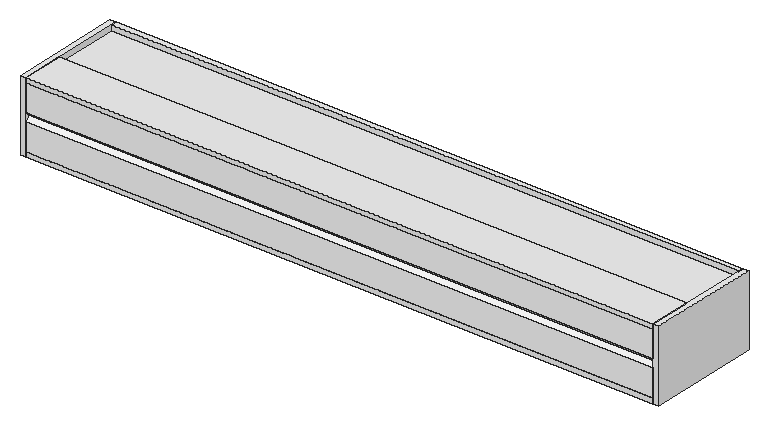
Revit family "4070744+4070747 Feilo Sylvania Lighting Fixture CURSUS 306MM 207LM OVAL LED3K with SINGLE WALL HOUSING", category Lighting Fixtures, host Face, Revit 2017
Family settings
  Host = Face
  Round Connector Dimension = Use Diameter
  Part Type = Normal
  OmniClass Number = 23.80.70.14
  OmniClass Title = Luminaries for External Lighting
  Cut with Voids When Loaded = Yes
  Light Source = Yes
  Shared = Yes
  Room Calculation Point = No
Parameters (values of type "4070744 CURSUS 306MM 207LM OVAL LED3K")
  Width_FEILO = 35 mm
  Weight = "0.6 kg"
  Wattage Comments = "n/a"
  Wattage = 4.5 W
  WarrantyStartDate [instance] = "n/a"
  WarrantyGuarantorParts = "n/a"
  WarrantyDurationUnit = "n/a"
  WarrantyDurationParts = "n/a"
  WarrantyDescription = "n/a"
  WallThickness_FEILO = 2.5 mm
  built-in parameter 1150110 = 1 (stored number, unit not read)
  Voltage = 24 V
  URL = "http://www.sylvania-lighting.com"
  TypeName = "CURSUS 306MM 207LM OVAL LED3K"
  Type Image = <None>
  Type Comments = "n/a"
  built-in parameter 1114217 = 1 (stored number, unit not read)
  Tilt Angle = -90.00°
  built-in parameter 1150109 = 1 (stored number, unit not read)
  built-in parameter 1150134 = (empty or 0)
  built-in parameter 1150113 = 1 (stored number, unit not read)
  SerialNumber [instance] = "n/a"
  ReflectorMaterial = none
  PowerFactor = 0
  PowerConsumption = "4.5 W"
  Photometric Web File = "4070744.ies"
  NominalLength = 306 mm
  NominalHeight = 50 mm
  NominalDepth = 30 mm
  Name = "CURSUS 306MM 207LM OVAL LED3K"
  ModelReference = Name  # "CURSUS 306MM 207LM OVAL LED3K"
  ModelNumber = "4070744"
  Model = Name  # "CURSUS 306MM 207LM OVAL LED3K"
  Material = "natural anodised extruded aluminium structure housing, optical system with pmma lenses diffuser"
  ManufacturerName = "Feilo Sylvania"
  Manufacturer = "Feilo Sylvania"
  LuminousEfficacy = "46 lm/W"
  built-in parameter 1150105 = 291.98 (stored number, unit not read)
  Lumens = 207 lm
  LuminaireType = ""
  built-in parameter 1150115 = 1 (stored number, unit not read)
  LightOutputRatio = "100"
  built-in parameter 1150137 = (empty or 0)
  built-in parameter 1150139 = (empty or 0)
  Length_FEILO = 312 mm
  LampsType = Lamp  # "LED"
  LampNominalLuminous = "207 lm"
  LampMacAdamStep = "n/a"
  LampColourTemperature = "3000 K"
  LampColourRenderingIndex = "80"
  built-in parameter 1150112 = 1 (stored number, unit not read)
  built-in parameter 1150114 = 1 (stored number, unit not read)
  Lamp = "LED"
  Keynote = "16500"
  InstallationDate [instance] = "n/a"
  InputVoltage = "24V DC"
  InputNominalFrequency = "n/a"
  built-in parameter 1150132 = (empty or 0)
  built-in parameter 1150102 = (empty or 0)
  built-in parameter 1150107 = 3000 (stored number, unit not read)
  built-in parameter 1150138 = (empty or 0)
  IngressProtection = "IP67"
  ImpactProtectionIndex = "IK07"
  built-in parameter 1150106 = 2.9198 (stored number, unit not read)
  IfcExportType = "IfcLightFixtureType"
  IfcExportAs = "IfcLightFixtureType"
  ExpectedLife = 50000
  EndCapRight [instance] = yes
  EndCapLeft [instance] = yes
  Emit from Rectangle Width = Width_FEILO - WallThickness_FEILO * 2  # 30 mm
  Emit from Rectangle Length = Length_FEILO - WallThickness_FEILO * 2  # 307 mm
  Emit Shape Visible in Rendering = no
  ElectricShockClassification = "Class III"
  built-in parameter 1150104 = 4.2735 (stored number, unit not read)
  DurationUnit = "hours"
  DocumentationLiterature = "http://www.sylvania-lighting.com/product/en-int/products/4070744"
  DimmingControlOptions = "n/a"
  Dimming Lamp Color Temperature Shift = <None>
  DiffuserMaterial = Diffuser-Sylvania-Glow
  Description = "LED Exterior Lighting Recessed Surface Mounted Linear Fixture, Natural anodised extruded aluminium structure. Die-cast aluminium end caps. Installation kit with harmonic steel springs., 207 lm, 4,5W, 46lm/W, 3000K, CRI80+,non dimmable,IP67, IK07, (HxWxD) 306x50x30mm, 3 step Mac Adam Ellipse, 0.6kg,, Classe III, 21-25V-DC, energy class : A++, A+, A"
  Default Elevation = 1219.2 mm
  CreatedOn = "1/8/2018"
  CreatedBy = ""
  Cost = 0
  Color Filter = 16777215
  built-in parameter 1114216 [instance] = (empty or 0)
  ClassificationValue = "EF_70_80"
  ClassificationName = "Uniclass2015"
  BodyMaterial = Body-Sylvania-Gray
  BarCode [instance] = "n/a"
  built-in parameter 1114218 = 1 (stored number, unit not read)
  built-in parameter 1150133 = 10 (stored number, unit not read)
  AssetType = "Fixed"
  AssetIdentifier [instance] = "n/a"
  Assembly Code = "D5020200"
  Apparent Load = 4.5 VA
  AccessoryMaterial = Diffuser-Sylvania-Glow
Reference planes
  plane 1 "Center (Front/Back)": y = 0
  plane 2: z = 0
  plane 3 "Center (Left/Right)": x = 0
  plane 4: x = 156
  plane 5: x = -156
  plane 6: x = -153.5
  plane 7: x = 153.5
  plane 8: z = 35
  plane 9: z = 17.5
  plane 10: z = 32.5
  plane 11: z = 2.5
  plane 12: z = 30
  plane 13: z = 5
  plane 14: y = -55
  plane 15: y = -53
  plane 16: y = -2.5
  plane 17: y = -37
  plane 18: y = -34.5
Forms (mm)
  Extrusion 1, solid, material "Body-Sylvania-Gray" <- "BodyMaterial"
    sketch origin (0, 0, 0) x (0, 1, 0) y (0, 0, 1)
      loop
        line (0, 35) -> (-2.5, 35) -> (-2.5, 32.5) -> (-34.5, 32.5) -> (-34.5, 35) -> (-55, 35) -> (-55, 32.5) -> (-37, 32.5) -> (-37, 30) -> (-2.5, 30) -> (-2.5, 5) -> (-37, 5) -> (-37, 2.5) -> (-55, 2.5) -> (-55, 0) -> (-34.5, 0) -> (-34.5, 2.5) -> (-2.5, 2.5) -> (-2.5, 0) -> (0, 0) -> (0, 35)
    from -153.5 to 153.5
  Extrusion 2, solid, material "Diffuser-Sylvania-Glow" <- "DiffuserMaterial"
    sketch origin (0, 0, 0) x (0, 1, 0) y (0, 0, 1)
      loop
        line (-37, 32.5) -> (-55, 32.5) -> (-55, 19.5) -> (-53, 17.5) -> (-55, 15.5) -> (-55, 2.5) -> (-37, 2.5) -> (-37, 32.5)
    from -153.5 to 153.5
  Extrusion 3, solid, material "Body-Sylvania-Gray" <- "BodyMaterial", visible <- "EndCapRight"
    sketch origin (153.5, 1524, 1219.2) x (0, 1, 0) y (0, 0, 1)
      loop
        line (-1579, -1184.2) -> (-1579, -1219.2) -> (-1524, -1219.2) -> (-1524, -1184.2) -> (-1579, -1184.2)
    from 0 to 2.5
  Extrusion 4, solid, material "Body-Sylvania-Gray" <- "BodyMaterial", visible <- "EndCapLeft"
    sketch origin (-153.5, 1524, 1219.2) x (0, 1, 0) y (0, 0, 1)
      loop
        line (-1579, -1184.2) -> (-1579, -1219.2) -> (-1524, -1219.2) -> (-1524, -1184.2) -> (-1579, -1184.2)
    from -2.5 to 0
Dimensions and locks
  equal spacing: plane 5, plane 3 "Center (Left/Right)", plane 4
  "Length_FEILO": plane 5 to plane 4
  equal spacing: plane 6, plane 3 "Center (Left/Right)", plane 7
  "WallThickness_FEILO": plane 5 to plane 6
  locked: plane 9 to plane 2 at 17.5
  locked: plane 8 to plane 2 at 35
  equal spacing: plane 11, plane 9, plane 10
  equal spacing: plane 13, plane 9, plane 12
  "WallThickness_FEILO": plane 12 to plane 10
  locked: plane 14 to plane 15 at 2
  locked: plane 14 to plane 17 at 18
  "WallThickness_FEILO": plane 17 to plane 18
  "WallThickness_FEILO": plane 16 to plane 1 "Center (Front/Back)"
  locked: plane 15 to Extrusion 2 sketch curve (angle 45.00°)
  locked: Extrusion 2 sketch curve to plane 15 (angle 45.00°)
  aligned and locked: plane 2 to host face
  aligned and locked: level to host face
  aligned and locked: plane 1 "Center (Front/Back)" to Extrusion 1 sketch curve
  aligned and locked: Extrusion 1 sketch curve to plane 8  (x2)
  aligned and locked: plane 16 to Extrusion 1 sketch curve
  aligned and locked: host face to Extrusion 1 sketch curve
  aligned and locked: Extrusion 1 sketch curve to plane 16  (x2)
  aligned and locked: Extrusion 1 sketch curve to plane 11
  aligned and locked: plane 18 to Extrusion 1 sketch curve
  aligned and locked: level to Extrusion 1 sketch curve
  aligned and locked: plane 11 to Extrusion 1 sketch curve
  aligned and locked: Extrusion 1 sketch curve to plane 17
  aligned and locked: plane 13 to Extrusion 1 sketch curve
  aligned and locked: Extrusion 1 sketch curve to plane 12
  aligned and locked: plane 10 to Extrusion 1 sketch curve  (x2)
  aligned and locked: plane 17 to Extrusion 1 sketch curve  (x2)
  aligned and locked: plane 12 to Extrusion 1 sketch curve
  aligned and locked: Extrusion 1 sketch curve to plane 10
  aligned and locked: Extrusion 1 sketch curve to plane 18
  aligned and locked: plane 7 to Extrusion 1
  aligned and locked: Extrusion 1 to plane 6
  aligned and locked: Extrusion 2 sketch curve to Extrusion 1  (x4)
  aligned and locked: Extrusion 1 to Extrusion 2 sketch curve
  aligned and locked: plane 9 to Extrusion 2 sketch curve
  aligned and locked: plane 7 to Extrusion 2
  aligned and locked: Extrusion 2 to plane 6
  aligned and locked: Extrusion 3 sketch curve to Extrusion 1  (x4)
  aligned and locked: plane 4 to Extrusion 3
  aligned and locked: Extrusion 3 to plane 7
  aligned and locked: Extrusion 4 sketch curve to Extrusion 3  (x3)
  aligned and locked: Extrusion 4 sketch curve to Extrusion 1
  aligned and locked: Extrusion 4 to plane 5
  aligned and locked: plane 6 to Extrusion 4
  aligned and locked: plane 14 to imposter light
  aligned and locked: imposter light to plane 9
  aligned and locked: plane 3 "Center (Left/Right)" to imposter light
Automatic sketch dimensions
  host sketch curve to host sketch curve = 2438.4 mm  (x2)
  Extrusion 1 sketch curve to plane 14 = 0 mm  (x2)
  Extrusion 2 sketch curve to plane 15 = 0 mm
Connectors
  electrical at (0, 0, 0), driven by "Apparent Load", driven by "PowerFactor", driven by "Voltage"
    settings: index 1, voltage 24 V, apparent load 4.5 VA, apparent load phase1 0 VA, apparent load phase2 0 VA, apparent load phase3 0 VA, power factor 0, load classification "Lighting", number of poles 1, system type 30, power factor state 1, is connector primary yes, connector utility no, sub classification motor no, connector description ""
